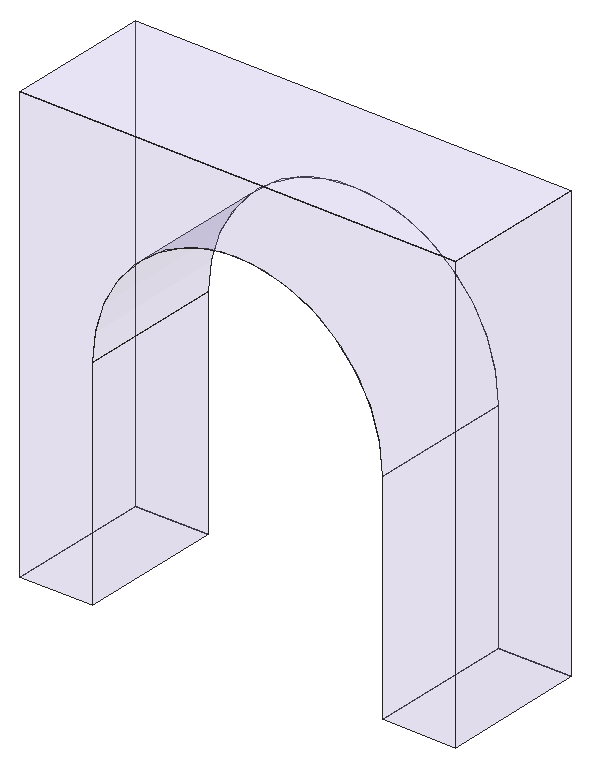
Revit family
Parameters
  폭 [instance] = 9000 mm
  개구부 폭 [instance] = 6000 mm
  개구부 높이 [instance] = 7500 mm
  매스 재료 [instance] = 기본 매스
  높이 [instance] = 9000 mm
  깊이 [instance] = 3000 mm
  Default Elevation = 1219.2 mm
Reference planes
  plane 1 "중심(앞/뒤)": y = 12.955
  plane 2: z = 0
  plane 3 "중심(왼쪽/오른쪽)": x = -30.261
  plane 4: y = 1512.955
  plane 5: x = 4469.739
  plane 6: x = -4530.261
  plane 7: y = -1487.045
  plane 8: z = 9000
  plane 9: z = 4500
  plane 10: x = -3030.261
  plane 11: x = 2969.739
  plane 12: z = 7500
  plane 13: z = 1500
Forms (mm)
  Extrusion 1, solid, material "기본 매스" <- "매스 재료"
    sketch origin (0, 0, 0) x (1, 0, 0) y (0, 1, 0)
      loop
        line (-4530.261, 1512.955) -> (-4530.261, -1487.045) -> (4469.739, -1487.045) -> (4469.739, 1512.955) -> (-4530.261, 1512.955)
    from 0 to 9000
  Extrusion 2, void
    sketch origin (0, 12.955, 0) x (1, 0, 0) y (0, 0, 1)
      loop
        line (2969.739, 0) -> (2969.739, 4500)
        arc (2969.739, 4500) -> (-30.261, 7500) -> (-3030.261, 4500) r 3000
        line (-3030.261, 4500) -> (-3030.261, 0) -> (2969.739, 0)
    from -1500 to 1500
Cuts and joins
  Extrusion 2 cuts Extrusion 1
Dimensions and locks
  equal spacing: Extrusion 1 sketch curve, plane 3 "중심(왼쪽/오른쪽)", Extrusion 1 sketch curve
  equal spacing: Extrusion 1 sketch curve, plane 1 "중심(앞/뒤)", Extrusion 1 sketch curve
  equal spacing: plane 6, plane 3 "중심(왼쪽/오른쪽)", plane 5
  "폭": plane 6 to plane 5
  equal spacing: plane 4, plane 1 "중심(앞/뒤)", plane 7
  "깊이": plane 4 to plane 7
  equal spacing: plane 10, plane 3 "중심(왼쪽/오른쪽)", plane 11
  "개구부 폭": plane 10 to plane 11
  "개구부 폭": plane 12 to plane 13
  equal spacing: plane 12, plane 9, plane 13
  "높이": plane 8 to plane 2
  locked: plane 2 to level
  "개구부 높이": plane 12 to plane 2
  aligned and locked: Extrusion 1 sketch curve to plane 4
  aligned and locked: Extrusion 1 sketch curve to plane 6
  aligned and locked: Extrusion 1 to plane 8
  aligned and locked: plane 10 to Extrusion 2 sketch curve
  aligned and locked: plane 11 to Extrusion 2 sketch curve
  aligned and locked: Extrusion 2 to plane 4
  aligned and locked: Extrusion 1 to plane 2
  aligned and locked: plane 2 to Extrusion 2 sketch curve
  aligned and locked: cut or joined group of Extrusion 1, Extrusion 2 to plane 7
Automatic sketch dimensions
  Extrusion 2 sketch curve to plane 9 = 0 mm
